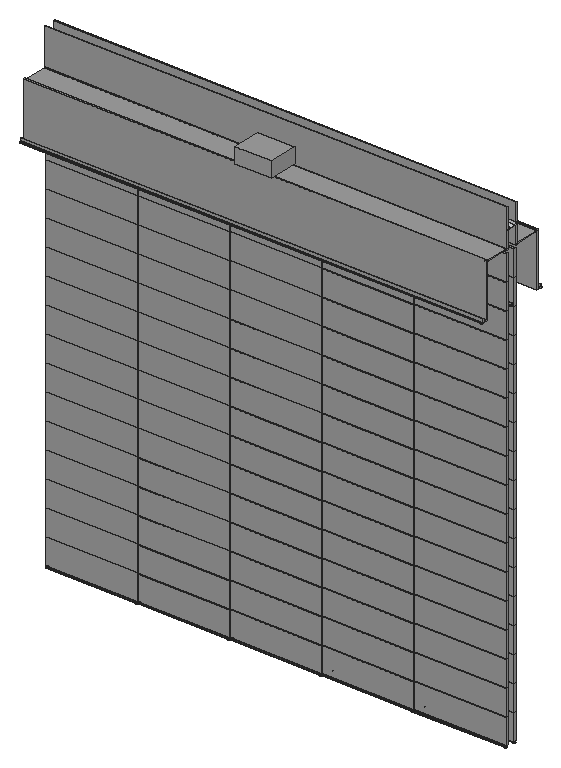
Revit family (continued)
Definition of nested family "2D Unfold Panels"
  Definition of nested family "vert levres"
    Lines and regions (in)
      detail lines, style "DetailComponents", in view "Ref. Level"
        curve 16: line (3.72417, 3.68967, 0) -> (3.72417, 6.75409, 0)
        curve 17: line (3.72417, -0.10051, 0) -> (3.72417, 2.67162, 0)
        curve 18: line (3.72417, 2.67162, 0) -> (5.72427, 2.67162, 0)
    Dimensions and locks (in)
      equal spacing: plane 4, plane 3 "Center (Left/Right)", plane 5
      "Wall thickness": plane 4 to plane 5
    Automatic sketch dimensions
      curve 5 to plane 4 = 0' - 0"
      curve 4 to plane 4 = 0' - 0"
      curve 14 to plane 5 = 0' - 0"
      curve 13 to plane 5 = 0' - 0"
      plane 4 to curve 2 = 0' - 0 1/4"
      plane 4 to curve 7 = 0' - 2.25011"
      plane 1 "Center (Front/Back)" to curve 8 = 0' - 0.10051"
      curve 4 to curve 8 = 0' - 2.25011"
      curve 18 to plane 5 = 0' - 2.25011"
      curve 16 to curve 17 = 0' - 0"
      curve 11 to curve 12 = 0' - 0 1/4"
      plane 1 "Center (Front/Back)" to curve 4 = 0' - 0.10051"
      plane 1 "Center (Front/Back)" to curve 13 = 0' - 0.10051"
      plane 1 "Center (Front/Back)" to curve 17 = 0' - 0.10051"
      curve 9 to plane 1 "Center (Front/Back)" = 0' - 2.67162"
      curve 10 to plane 1 "Center (Front/Back)" = 0' - 2.67162"
      curve 1 to curve 4 = 0' - 0.51803"
      curve 10 to curve 10 = 0' - 0.51803"
      curve 8 to curve 7 = 0' - 1.01805"
      curve 12 to curve 14 = 0' - 0.50002"
      curve 14 to curve 14 = 0' - 3.06441"
      curve 5 to curve 5 = 0' - 3.06441"
      curve 5 to curve 7 = 0' - 0"
      curve 16 to curve 14 = 0' - 0"
  Definition of nested family "vert fin haut"
    Parameters (values of type "vert fin haut")
      Wall thickness = 0' - 11 3/4"
      Assembly Code = ""
    Reference planes (in)
      plane 1 "Center (Front/Back)": y = 0
      plane 2: z = 0
      plane 3 "Center (Left/Right)": x = -0.43701
      plane 4: x = -6.31201
      plane 5: x = 5.43799
    Lines and regions (in)
      detail lines, style "DetailComponents", in view "Ref. Level"
        curve 1: arc (-6.30215, 5.84526, 0) -> (-5.87246, 6.27494, 0) -> (-5.44278, 5.84526, 0) r 0.42968
        curve 2: line (-6.31201, -0.00284, 0) -> (-6.31201, 4.27482, 0)
        curve 3: line (-6.31201, 4.27482, 0) -> (-6.06199, 4.27482, 0)
        curve 4: line (-6.06199, 4.27482, 0) -> (-6.30215, 5.84526, 0)
        curve 5: line (-5.44278, 5.84526, 0) -> (-5.69183, 4.24357, 0)
        curve 6: line (-5.69183, 4.24357, 0) -> (-5.0827, 4.24357, 0)
        curve 7: line (-5.0827, 4.24357, 0) -> (-4.06189, 3.22277, 0)
        curve 8: line (-4.06189, 3.22277, 0) -> (-4.06189, -0.00284, 0)
        curve 9: arc (5.42813, 5.84526, 0) -> (4.99845, 6.27494, 0) -> (4.56877, 5.84526, 0) r 0.42968
        curve 10: line (5.43799, -0.00284, 0) -> (5.43799, 4.27482, 0)
        curve 11: line (5.43799, 4.27482, 0) -> (5.18798, 4.27482, 0)
        curve 12: line (5.18798, 4.27482, 0) -> (5.42813, 5.84526, 0)
        curve 13: line (4.56877, 5.84526, 0) -> (4.81782, 4.24357, 0)
        curve 14: line (4.81782, 4.24357, 0) -> (4.20868, 4.24357, 0)
        curve 15: line (4.20868, 4.24357, 0) -> (3.18788, 3.22277, 0)
        curve 16: line (3.18788, 3.22277, 0) -> (3.18788, -0.00284, 0)
    Dimensions and locks (in)
      equal spacing: plane 4, plane 3 "Center (Left/Right)", plane 5
      "Wall thickness": plane 4 to plane 5
    Automatic sketch dimensions
      curve 2 to plane 4 = 0' - 0"
      curve 10 to plane 5 = 0' - 0"
      plane 4 to curve 1 = 0' - 0.00986"
      plane 4 to curve 3 = 0' - 0 1/4"
      curve 1 to curve 1 = 0' - 0 55/128"
      curve 3 to curve 5 = 0' - 0.37016"
      curve 5 to curve 6 = 0' - 0.60914"
      curve 6 to curve 8 = 0' - 1.0208"
      plane 1 "Center (Front/Back)" to curve 16 = 0' - 0.00284"
      curve 16 to curve 10 = 0' - 2.25011"
      curve 15 to plane 5 = 0' - 1.22931"
      curve 9 to plane 5 = 0' - 0.86922"
      curve 14 to curve 14 = 0' - 0.60914"
      curve 9 to curve 9 = 0' - 0 55/128"
      curve 12 to curve 10 = 0' - 0 1/4"
      plane 1 "Center (Front/Back)" to curve 10 = 0' - 0.00284"
      plane 1 "Center (Front/Back)" to curve 8 = 0' - 0.00284"
      plane 1 "Center (Front/Back)" to curve 2 = 0' - 0.00284"
      curve 16 to plane 1 "Center (Front/Back)" = 0' - 3.22277"
      curve 7 to plane 1 "Center (Front/Back)" = 0' - 3.22277"
      curve 15 to curve 14 = 0' - 1.0208"
      curve 7 to curve 5 = 0' - 1.0208"
      curve 5 to curve 3 = 0' - 0 1/32"
      curve 13 to curve 12 = 0' - 0 1/32"
      curve 2 to curve 1 = 0' - 1.57044"
      curve 10 to curve 12 = 0' - 1.57044"
  Definition of nested family "vert fin bas"
    Parameters (values of type "vert fin bas")
      Wall thickness = 0' - 11 3/4"
      Assembly Code = ""
    Reference planes (in)
      plane 1 "Center (Front/Back)": y = 0
      plane 2: z = 0
      plane 3 "Center (Left/Right)": x = 0.40002
      plane 4: x = -5.47498
      plane 5: x = 6.27502
    Lines and regions (in)
      model lines, style "DetailComponents", in view "Ref. Level"
        curve 1: arc (-5.46512, -5.84526, 0) -> (-5.03544, -6.27494, 0) -> (-4.60575, -5.84526, 0) r 0.42968
        curve 2: line (-5.47498, 0.00284, 0) -> (-5.47498, -4.27482, 0)
        curve 3: line (-5.47498, -4.27482, 0) -> (-5.22497, -4.27482, 0)
        curve 4: line (-5.22497, -4.27482, 0) -> (-5.46512, -5.84526, 0)
        curve 5: line (-4.60575, -5.84526, 0) -> (-4.85481, -4.24357, 0)
        curve 6: line (-4.85481, -4.24357, 0) -> (-4.24567, -4.24357, 0)
        curve 7: line (-4.24567, -4.24357, 0) -> (-3.22487, -3.22277, 0)
        curve 8: line (-3.22487, -3.22277, 0) -> (-3.22487, 0.00284, 0)
        curve 9: arc (0.90004, -6.01609, 0) -> (1.25205, -5.87118, 0) -> (1.40004, -5.52045, 0) r 0.50003
        curve 10: arc (1.40004, -5.52045, 0) -> (1.38599, -5.43168, 0) -> (1.33756, -5.35598, 0) r 0.21963
        curve 11: arc (-0.53754, -5.35598, 0) -> (-0.58597, -5.43168, 0) -> (-0.60002, -5.52045, 0) r 0.21963
        curve 12: arc (-0.60002, -5.52045, 0) -> (-0.45203, -5.87118, 0) -> (-0.10001, -6.01609, 0) r 0.50003
        curve 13: arc (0.15, -4.98096, 0) -> (0.23839, -4.94435, 0) -> (0.275, -4.85595, 0) r 0.12501
        curve 14: arc (0.52502, -4.85595, 0) -> (0.56163, -4.94435, 0) -> (0.65002, -4.98096, 0) r 0.12501
        curve 15: arc (-0.60004, -4.85595, 0) -> (-0.68843, -4.89257, 0) -> (-0.72505, -4.98096, 0) r 0.12501
        curve 16: arc (-0.72505, -5.51606, 0) -> (-0.54198, -5.95803, 0) -> (-0.10001, -6.14109, 0) r 0.62503
        curve 17: arc (0.90004, -6.14109, 0) -> (1.342, -5.95803, 0) -> (1.52507, -5.51606, 0) r 0.62503
        curve 18: arc (1.52507, -4.98096, 0) -> (1.48845, -4.89257, 0) -> (1.40006, -4.85595, 0) r 0.12501
        curve 19: line (-0.10001, -6.01609, 0) -> (0.90004, -6.01609, 0)
        curve 20: line (1.33756, -5.35598, 0) -> (-0.53754, -5.35598, 0)
        curve 21: line (0.65002, -4.98096, 0) -> (1.40006, -4.98096, 0)
        curve 22: line (1.40006, -4.98096, 0) -> (1.40006, -5.23097, 0)
        curve 23: line (1.40006, -5.23097, 0) -> (-0.60004, -5.23097, 0)
        curve 24: line (-0.60004, -5.23097, 0) -> (-0.60004, -4.98096, 0)
        curve 25: line (-0.60004, -4.98096, 0) -> (0.15, -4.98096, 0)
        curve 26: line (0.275, -4.85595, 0) -> (0.275, -3.23087, 0)
        curve 27: line (0.275, -3.23087, 0) -> (0.52502, -3.23087, 0)
        curve 28: line (0.52502, -3.23087, 0) -> (0.52502, -4.85595, 0)
        curve 29: line (-0.35003, -4.98096, 0) -> (-0.35003, -4.85595, 0)
        curve 30: line (-0.35003, -4.85595, 0) -> (-0.60004, -4.85595, 0)
        curve 31: line (-0.72505, -4.98096, 0) -> (-0.72505, -5.51606, 0)
        curve 32: line (-0.10001, -6.14109, 0) -> (0.90004, -6.14109, 0)
        curve 33: line (1.52507, -5.51606, 0) -> (1.52507, -4.98096, 0)
        curve 34: line (1.40006, -4.85595, 0) -> (1.15005, -4.85595, 0)
        curve 35: line (1.15005, -4.85595, 0) -> (1.15005, -4.98096, 0)
      detail lines, style "DetailComponents", in view "Ref. Level"
        curve 36: arc (6.26516, -5.84526, 0) -> (5.83548, -6.27494, 0) -> (5.4058, -5.84526, 0) r 0.42968
        curve 37: line (6.27502, 0.00284, 0) -> (6.27502, -4.27482, 0)
        curve 38: line (6.27502, -4.27482, 0) -> (6.02501, -4.27482, 0)
        curve 39: line (6.02501, -4.27482, 0) -> (6.26516, -5.84526, 0)
        curve 40: line (5.4058, -5.84526, 0) -> (5.65485, -4.24357, 0)
        curve 41: line (5.65485, -4.24357, 0) -> (5.04571, -4.24357, 0)
        curve 42: line (5.04571, -4.24357, 0) -> (4.02491, -3.22277, 0)
        curve 43: line (4.02491, -3.22277, 0) -> (4.02491, 0.00284, 0)
    Dimensions and locks (in)
      equal spacing: plane 4, plane 3 "Center (Left/Right)", plane 5
      "Wall thickness": plane 4 to plane 5
    Automatic sketch dimensions
      curve 9 to curve 17 = 0' - 0"  (x2)
      curve 12 to curve 16 = 0' - 0"  (x2)
      curve 2 to plane 4 = 0' - 0"
      curve 37 to plane 5 = 0' - 0"
      plane 4 to curve 4 = 0' - 0.00986"
      curve 2 to curve 4 = 0' - 0 1/4"
      curve 1 to curve 1 = 0' - 0 55/128"
      curve 3 to curve 5 = 0' - 0.37016"
      curve 5 to curve 6 = 0' - 0.60914"
      curve 6 to curve 8 = 0' - 1.0208"
      curve 31 to plane 3 "Center (Left/Right)" = 0' - 1.12507"
      curve 15 to curve 24 = 0' - 0 1/8"
      curve 15 to curve 24 = 0' - 0"  (x2)
      curve 31 to curve 11 = 0' - 0.12503"
      curve 23 to curve 20 = 0' - 0 1/16"
      curve 12 to curve 11 = 0' - 0.21937"
      curve 24 to curve 29 = 0' - 0 1/4"
      curve 12 to plane 3 "Center (Left/Right)" = 0' - 0.50004"
      curve 13 to plane 3 "Center (Left/Right)" = 0' - 0.25002"
      curve 26 to plane 3 "Center (Left/Right)" = 0' - 0 1/8"
      plane 3 "Center (Left/Right)" to curve 28 = 0' - 0 1/8"
      curve 14 to curve 21 = 0' - 0 1/8"
      plane 3 "Center (Left/Right)" to curve 32 = 0' - 0 1/2"
      curve 14 to curve 34 = 0' - 0.50002"
      curve 9 to curve 10 = 0' - 0.28063"
      curve 10 to curve 20 = 0' - 0.15689"
      curve 10 to curve 10 = 0' - 0 1/16"
      curve 35 to curve 21 = 0' - 0 1/4"
      curve 18 to curve 21 = 0' - 0"
      curve 9 to curve 17 = 0' - 0.12503"
      curve 43 to plane 5 = 0' - 2.25011"
      curve 42 to plane 5 = 0' - 1.22931"
      curve 40 to plane 5 = 0' - 0.86922"
      curve 41 to curve 40 = 0' - 0.60914"
      curve 36 to curve 36 = 0' - 0 55/128"
      curve 38 to plane 5 = 0' - 0 1/4"
      plane 1 "Center (Front/Back)" to curve 32 = 0' - 6.14109"
      curve 32 to curve 19 = 0' - 0 1/8"
      curve 36 to curve 17 = 0' - 0.3292"
      curve 5 to curve 16 = 0' - 0.3292"
      curve 12 to curve 11 = 0' - 0.01076"
      curve 20 to curve 23 = 0' - 0 1/8"
      curve 22 to curve 33 = 0' - 0 1/4"
      curve 12 to curve 25 = 0' - 0.5351"
      curve 14 to curve 13 = 0' - 0 1/8"
      curve 1 to curve 3 = 0' - 1.57044"
      curve 36 to curve 39 = 0' - 1.57044"
      curve 38 to curve 42 = 0' - 0 1/32"
      curve 3 to curve 7 = 0' - 0 1/32"
      curve 13 to curve 26 = 0' - 1.62508"
      curve 41 to curve 42 = 0' - 1.0208"
      curve 6 to curve 7 = 0' - 1.0208"
      curve 8 to plane 1 "Center (Front/Back)" = 0' - 0.00284"
      curve 37 to plane 1 "Center (Front/Back)" = 0' - 0.00284"
      curve 2 to plane 1 "Center (Front/Back)" = 0' - 0.00284"
      curve 43 to plane 1 "Center (Front/Back)" = 0' - 0.00284"
Definition of nested family "Suspended Ceiling Component"
  Parameters (values of type "Suspended Ceiling Component")
    Assembly Code = ""
  Reference planes (in)
    plane 1 "Centre (avant/arrière)": y = 0
    plane 2: z = 0
    plane 3 "Centre (gauche/droite)": x = 0
Definition of nested family "construction as per ASTM E557 Component"
  Parameters (values of type "construction as per ASTM E557 Component")
    Assembly Code = ""
  Reference planes (in)
    plane 1 "Centre (avant/arrière)": y = 0
    plane 2: z = 0
    plane 3 "Centre (gauche/droite)": x = 0
Definition of nested family "Disclaimer Component"
  Parameters (values of type "Disclaimer Component")
    Assembly Code = ""
  Reference planes (in)
    plane 1 "Centre (avant/arrière)": y = 0
    plane 2: z = 0
    plane 3 "Centre (gauche/droite)": x = 0
Types (6): name | Total Panel Height | Pocket Material | Panel Array | Panel 9 Material | Panel 8 Material | Panel 7 Material | Panel 6 Material | Panel 5 Material | Panel 4 Material | Panel 3 Material | Panel 2 Material | Panel 17 Material | Panel 16 Material | Panel 15 Material | Panel 14 Material | Panel 13 Material | Panel 12 Material | Panel 11 Material | Panel 10 Material | Manufacturer | Total Wall Length | Pocket Width"E" | Pocket Depth"D" | Panel Length | Panel Height"F" | Center Pantographs | Number Of  Panels | Motor Positioning | Height Between Panels | Distance Between Panels | Finished Ceiling"A" | Beam Height"B" | Acoustic Barrier"C"
  32' - 6" | 36' - 9 1/2" | Default | 4 | Default | Default | Default | Default | Default | Default | Default | Default | Default | Default | Default | Default | Default | Default | Default | Default | "Skyfold" | 32' - 0" | 5' - 2 3/4" | 4' - 9" | 7' - 11 1/8" | 2' - 1 1/2" | 3 | 4 | 12' - 0 7/16" | 2' - 2" | 7' - 11 5/8" | 32' - 6" | 38' - 9 3/4" | 37' - 2"
  33' - 6" | 37' - 6" | Default | 5 | Default | Default | Default | Default | Default | Default | Default | Default | Default | Default | Default | Default | Default | Default | Default | Default | "Skyfold" | 34' - 0" | 5' - 3 3/4" | 4' - 5 1/2" | 6' - 8.8" | 2' - 2" | 4 | 5 | 17' - 0" | 2' - 2 1/2" | 6' - 9.3" | 33' - 6" | 39' - 6 1/4" | 37' - 10 1/2"
  34' - 2" | 38' - 2 1/2" | Default | 5 | Default | Default | Default | Default | Default | Default | Default | Default | Default | Default | Default | Default | Default | Default | Default | Default | "Skyfold\r\nSkyfold" | 40' - 0" | 5' - 4 3/4" | 4' - 6" | 7' - 11.2" | 2' - 2 1/2" | 4 | 5 | 20' - 0" | 2' - 3" | 7' - 11.7" | 34' - 2" | 40' - 2 3/4" | 38' - 7"
  34' - 0" | 38' - 2 1/2" | Pocket mat | 5 | none | none | none | none | none | none | none | none | none | none | Poche | none | none | none | none | none | "Skyfold" | 34' - 0" | 5' - 4 3/4" | 4' - 8" | 6' - 8.8" | 2' - 2 1/2" | 4 | 5 | 17' - 0" | 2' - 3" | 6' - 9.3" | 34' - 0" | 40' - 2 3/4" | 38' - 7"
  33' - 0" | 37' - 1 3/4" | Default | 6 | Default | Default | Default | Default | Default | Default | Default | Default | Default | Default | Default | Default | Default | Default | Default | Default | "Skyfold" | 45' - 0" | 5' - 3 1/4" | 4' - 7 1/4" | 7' - 5 1/4" | 2' - 1 3/4" | 5 | 6 | 18' - 9 3/8" | 2' - 2 1/4" | 7' - 5 3/4" | 33' - 0" | 39' - 2" | 37' - 6 1/4"
  32' - 3" | 36' - 5 1/4" | Default | 4 | Default | Default | Default | Default | Default | Default | Default | Default | Default | Default | Default | Default | Default | Default | Default | Default | "Skyfold" | 32' - 0" | 5' - 2 1/4" | 4' - 7 3/4" | 7' - 11 1/8" | 2' - 1 1/4" | 3 | 4 | 12' - 0 7/16" | 2' - 1 3/4" | 7' - 11 5/8" | 32' - 3" | 38' - 5 1/2" | 36' - 9 3/4"
